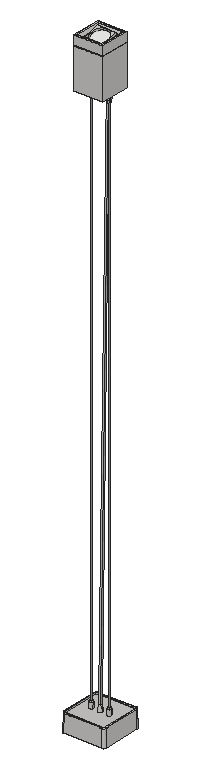
Revit family "Lighting-Luminii-Leto_44_P_A_MID new", category Lighting Fixtures, host Face, Revit 2020
Family settings
  Host = Face
  Round Connector Dimension = Use Diameter
  Part Type = Normal
  OmniClass Number = 23.80.70.11.14.11
  OmniClass Title = Downlights
  Cut with Voids When Loaded = No
  Light Source = Yes
  Shared = Yes
  Room Calculation Point = No
Parameters (values of type "Leto 44 P A MID")
  Width = 0' - 3 189/256"  # constant formula
  Wattage Comments = "6.5W"
  Wattage = 6.49954 W
  Warranty URL = "https://www.luminii.com/terms-conditions/"
  built-in parameter 1150110 = 1 (stored number, unit not read)
  Voltage Comments = "120V | 277V | 347V"  # constant formula
  Voltage = 120 V
  Version = "2020 - v1.0a"  # constant formula
  URL = "https://www.luminii.com/"
  built-in parameter 1114217 = 1 (stored number, unit not read)
  Tilt Angle = -90.00°  # constant formula
  built-in parameter 1150109 = 1 (stored number, unit not read)
  built-in parameter 1150134 = (empty or 0)
  built-in parameter 1150113 = 1 (stored number, unit not read)
  Support Phone = "224-699-9545"  # constant formula
  Support Email = "mailto:support@bimsmith.com"
  Product Page URL = "https://www.luminii.com/product/leto-44-p-a-mid/"
  Power Source Type = "Driver"  # constant formula
  Power Factor = 1
  Photometric Web File = "701A-A90-615-30-07-00.ies"
  Phase = 1
  Operating Temperature = "Consult Manufacturer Website for more Information"  # constant formula
  Number of Poles = if(and(or(Voltage = 120 V, Voltage = 277 V), Phase = 1), 1, if(and(or(Voltage = 208 V, Voltage = 240 V), Phase = 1), 2, if(and(or(Voltage = 208 V, Voltage = 240 V), Phase = 3), 3, if(and(Voltage > 300 V, Phase = 1), 2, if(and(Voltage > 400 V, Phase = 3), 3, 1)))))  # 1
  Mounting Method = "Ceiling Mount"  # constant formula
  Model = "701A"  # constant formula
  Manufacturer Phone Number = "403-216-7043"  # constant formula
  Manufacturer Email = "mailto: info@sensolighting.com"
  Manufacturer Address = "302 50 Ave SE. Calgary, Alberta, T2G 2A9 Canada"  # constant formula
  Manufacturer = "Luminii"  # constant formula
  built-in parameter 1150105 = 55.704 (stored number, unit not read)
  Lumens = 700 lm
  Luminaire Type = "Asymmetric LED Pendant Downlight"  # constant formula
  built-in parameter 1150115 = 1 (stored number, unit not read)
  Load Classification = Lighting
  built-in parameter 1150137 = (empty or 0)
  built-in parameter 1150139 = (empty or 0)
  Lens Material = Plastic - Luminii - Frosted Lens
  built-in parameter 1150112 = 1 (stored number, unit not read)
  built-in parameter 1150114 = 1 (stored number, unit not read)
  Lamp Life = 1
  Lamp = "LED"  # constant formula
  Keynote = "26 50 00"
  built-in parameter 1150132 = 2
  built-in parameter 1150102 = (empty or 0)
  built-in parameter 1150107 = 3500 (stored number, unit not read)
  Initial Color Comments = "Perfomance based on 3500K Photometric Web File"  # constant formula
  built-in parameter 1150138 = (empty or 0)
  built-in parameter 1150106 = 0.55704 (stored number, unit not read)
  Housing Protection Rating = "Consult Manufacturer Website for more Information"  # constant formula
  Height = 0' - 6 1/2"  # constant formula
  Has Dimming = 1 = 1  # yes
  Has Battery Backup = 0 = 1  # no
  Frequency Comments = ""  # constant formula
  Frequency = 60 Hz
  Finish = Metal - Luminii - Silver Anodized Aluminum
  Environment = "Indoor"  # constant formula
  built-in parameter 1150104 = 10.006 (stored number, unit not read)
  Dimming Type = "Consult Manufacturer Website for more Information"  # constant formula
  Dimming Lamp Color Temperature Shift = <None>
  Description = "Asymmetric LED Pendant Downlight"  # constant formula
  Depth = 0' - 3 189/256"  # constant formula
  Default Elevation = 0' - 0"  # constant formula
  Current Amps = 50 A
  Copyright = "©2024 Luminii"  # constant formula
  Control Zone = "Consult Manufacturer Website for more Information"  # constant formula
  Control Type = "Consult Manufacturer Website for more Information"  # constant formula
  Constraints = 1  # constant formula
  Color Filter = 16777215
  built-in parameter 1114216 [instance] = 0  # (empty or 0)
  Canopy Finish = Metal - Luminii - Silver Anodized Aluminum
  built-in parameter 1140040 [instance] = 1 = 1  # 1
  CCT = "3500K"
  C Canopy Offset [instance] = 0' - 2 9/32"  # constant formula
  Desired Cable Length [instance] = 6' - 0"
  built-in parameter 1114218 = 1 (stored number, unit not read)
  built-in parameter 1150133 = 10 (stored number, unit not read)
  Assembly Code = "D5020200"
  Apparent Load = Wattage / Power Factor  # 6.49954 VA
  Actual Cable Length [instance] = if(Desired Cable Length < 1' 0", 1' 0", if(Desired Cable Length > 8' 0", 8' 0", Desired Cable Length))  # 6' - 0"
Reference planes (in)
  plane 1 "Center (Front/Back)": y = 0
  plane 2: z = 0
  plane 3 "Center (Left/Right)": x = 0
  plane 4: x = 0
  plane 5: x = 0
  plane 6: y = 1.86914
  plane 7: y = -1.86914
  plane 8 "B": z = 2.28125
  plane 9 "A": z = 74.28125
  plane 10: z = 80.78125
Forms (in)
  Extrusion 1, solid, material "Metal - Luminii - Silver Anodized Aluminum", not visible
    sketch origin (0, 0, 0) x (1, 0, 0) y (0, 1, 0)
      loop
        circle (0, 0) r 0.5
    from 0 to -0.17225
  Blend 2, solid, material "Metal - Luminii - Silver Anodized Aluminum"
    base sketch origin (0, 0, 2.99287) x (-1, 0, 0) y (0, -1, 0)
      loop
        circle (0, 0) r 0.115
    top sketch origin (0, 0, 2.99287) x (-1, 0, 0) y (0, -1, 0)
      loop
        circle (0, -1.1811) r 0.115
    from 0 to 71.75019
Dimensions and locks (in)
  equal spacing: plane 4, plane 3 "Center (Left/Right)", plane 5
  equal spacing: plane 6, plane 1 "Center (Front/Back)", plane 7
  plane 4 to plane 5 = 0' - 0"
  "Width": plane 6 to plane 7
  "C Canopy Offset": plane 8 "B" to host face
  "Actual Cable Length": plane 9 "A" to plane 8 "B"
  "Height": plane 10 to plane 9 "A"
  locked: plane 10 to imposter light at 0.58258
  aligned and locked: plane 2 to host face
  aligned and locked: plane 3 "Center (Left/Right)" to Extrusion 1 sketch curve
  aligned and locked: plane 1 "Center (Front/Back)" to Extrusion 1 sketch curve
  aligned and locked: plane 2 to Extrusion 1  (x2)
  aligned and locked: imposter light to plane 3 "Center (Left/Right)"
  aligned and locked: imposter light to plane 1 "Center (Front/Back)"
  aligned and locked: plane 3 "Center (Left/Right)" to nested 1
  aligned and locked: plane 1 "Center (Front/Back)" to nested 1
  aligned and locked: plane 3 "Center (Left/Right)" to nested 2
  aligned and locked: nested 2 to plane 1 "Center (Front/Back)"
Automatic sketch dimensions
  host sketch curve to host sketch curve = 8' - 0"  (x2)
  radius of Extrusion 1 sketch curve = 0' - 0 1/2"
Nested families (in)
  nested 1: "Nested - Lamp" at (0, 0, 74.28125), type "Nested - Lamp"
  nested 2: "Nested - Canopy" at (0, 0, 0) x (0, 1, 0) z (0, 0, 1), type "Default"
Connectors (in)
  electrical at (0, 0, 0), driven by "Number of Poles", driven by "Load Classification", driven by "Voltage", driven by "Apparent Load", driven by "Power Factor"
    settings: on Extrusion 1, index 1, voltage 120 V, apparent load 6.49954 VA, apparent load phase1 0 VA, apparent load phase2 0 VA, apparent load phase3 0 VA, power factor 1, load classification "Lighting", number of poles 1, system type 30, power factor state 1, is connector primary yes, connector utility no, sub classification motor no, connector description "Power Connection"
Definition of nested family "Nested - Lamp"
  Parameters (values of type "Nested - Lamp")
    Width = 0' - 3.74016"  # constant formula
    Screen Material = none
    Inner Screen = none
    Height = 0' - 6.49606"  # constant formula
    Finish = none
    Default Elevation = 4' - 0"
    Constraint = 3
  Reference planes (in)
    plane 1 "Center (Front/Back)": y = 0
    plane 2: z = 0
    plane 3 "Center (Left/Right)": x = 0
    plane 4: y = 1.87008
    plane 5: y = -1.87008
    plane 6: x = -1.87008
    plane 7: x = 1.87008
    plane 8: z = 6.49606
  Forms (in)
    Extrusion 1, solid
      sketch origin (0, 0, 0) x (1, 0, 0) y (0, 1, 0)
        loop
          line (-48, 48) -> (-48, -48) -> (48, -48) -> (48, 48) -> (-48, 48)
      from 0 to -12
    Sweep 2, solid, material <- "Finish", detail levels medium+fine
      path origin (-0.03362, 1.25, 6.49606) x (0, 1, 0) y (-1, 0, 0)
        loop
          line (0.62008, -1.9037) -> (0.62008, 1.83645) -> (-3.12008, 1.83645) -> (-3.12008, -1.9037) -> (0.62008, -1.9037)
      profile origin (1.87008, 0, 6.49606) x (1, 0, 0) y (0, 0, 1)
        loop
          line (0, -6.49606) -> (0, -1.27953) -> (-0.07874, -1.27953) -> (-0.07874, -1.16142) -> (0, -1.16142) -> (0, 0) -> (-0.10635, 0) -> (-0.27543, -0.05067) -> (-0.47227, -0.3937) -> (-0.53051, -0.3937) -> (-0.54899, -0.60489)
          arc (-0.54899, -0.60489) -> (-0.57675, -0.62619) -> (-0.60039, -0.60039) r 0.0259
          line (-0.60039, -0.60039) -> (-0.63719, -0.33858) -> (-0.68091, -0.33858) -> (-0.72263, -0.3546) -> (-0.72263, -0.79506) -> (-0.21654, -0.79506) -> (-0.21654, -6.29921) -> (-0.07874, -6.29921) -> (-0.07874, -6.49606) -> (0, -6.49606)
    Extrusion 3, solid, material <- "Screen Material"
      sketch origin (0, 0.08377, 5.77427) x (1, 0, 0) y (0, 0.951057, 0.309017)
        loop
          circle (0, 0) r 1.10584
      from 0.14567 to 0.15757
    Extrusion 4, solid, material <- "Finish"
      sketch origin (1.59205, 1.40385, 6.86346) x (0, -0.951057, -0.309017) y (1, 0, 0)
        loop
          circle (1.59205, -1.59205) r 1.14745
        loop
          line (2.78122, -2.78122) -> (2.78122, -0.40289) -> (0.40289, -0.40289) -> (0.40289, -2.78122) -> (2.78122, -2.78122)
      from -0.48228 to -0.23031
    Extrusion 5, solid, material <- "Finish"
      sketch origin (1.59205, 1.40385, 6.86346) x (0, -0.951057, -0.309017) y (1, 0, 0)
        loop
          circle (1.59205, -1.59205) r 1.14745
      from -0.48228 to -0.62795
    Extrusion 6, solid, material <- "Finish"
      sketch origin (-0.03362, 1.25, 8.28705) x (0, 1, 0) y (-1, 0, 0)
        loop
          line (-3.06102, -1.84465) -> (0.56102, -1.84465) -> (0.56102, 1.7774) -> (-3.06102, 1.7774) -> (-3.06102, -1.84465)
        loop
          line (-2.4311, -0.30922) -> (-1.84055, -0.30922)
          arc (-1.84055, -0.30922) -> (-1.61784, -0.40147) -> (-1.52559, -0.62418) r 0.31496
          line (-1.52559, -0.62418) -> (-1.52559, -1.21473)
          arc (-1.52559, -1.21473) -> (-1.25, -1.49032) -> (-0.97441, -1.21473) r 0.27559
          line (-0.97441, -1.21473) -> (-0.97441, -0.62418)
          arc (-0.97441, -0.62418) -> (-0.88216, -0.40147) -> (-0.65945, -0.30922) r 0.31496
          line (-0.65945, -0.30922) -> (-0.0689, -0.30922)
          arc (-0.0689, -0.30922) -> (0.20669, -0.03362) -> (-0.0689, 0.24197) r 0.27559
          line (-0.0689, 0.24197) -> (-0.65945, 0.24197)
          arc (-0.65945, 0.24197) -> (-0.88216, 0.33422) -> (-0.97441, 0.55693) r 0.31496
          line (-0.97441, 0.55693) -> (-0.97441, 1.14748)
          arc (-0.97441, 1.14748) -> (-1.25, 1.42307) -> (-1.52559, 1.14748) r 0.27559
          line (-1.52559, 1.14748) -> (-1.52559, 0.55693)
          arc (-1.52559, 0.55693) -> (-1.61784, 0.33422) -> (-1.84055, 0.24197) r 0.31496
          line (-1.84055, 0.24197) -> (-2.4311, 0.24197)
          arc (-2.4311, 0.24197) -> (-2.70669, -0.03362) -> (-2.4311, -0.30922) r 0.27559
      from -8.1649 to -8.0902
    Extrusion 7, solid, material <- "Finish"
      sketch origin (-0.03362, 1.25, 8.28705) x (0, 1, 0) y (-1, 0, 0)
        loop
          line (-3.06102, -1.84465) -> (0.56102, -1.84465) -> (0.56102, 1.7774) -> (-3.06102, 1.7774) -> (-3.06102, -1.84465)
        loop
          arc (-0.48507, -0.44078) -> (-0.38346, -0.03362) -> (-0.48507, 0.37353) r 0.86654
          arc (-0.48507, 0.37353) -> (-0.58858, 0.40015) -> (-0.62431, 0.29942) r 0.07918
          arc (-0.62431, 0.29942) -> (-0.5412, -0.03362) -> (-0.62431, -0.36667) r 0.7088
          arc (-0.62431, -0.36667) -> (-0.58858, -0.4674) -> (-0.48507, -0.44078) r 0.07918
        loop
          arc (-2.01493, -0.44078) -> (-1.91142, -0.4674) -> (-1.87569, -0.36667) r 0.07918
          arc (-1.87569, -0.36667) -> (-1.9588, -0.03362) -> (-1.87569, 0.29942) r 0.7088
          arc (-1.87569, 0.29942) -> (-1.91142, 0.40015) -> (-2.01493, 0.37353) r 0.07918
          arc (-2.01493, 0.37353) -> (-2.11654, -0.03362) -> (-2.01493, -0.44078) r 0.86654
        loop
          arc (-1.65716, 0.73131) -> (-1.68378, 0.62779) -> (-1.58304, 0.59206) r 0.07918
          arc (-1.58304, 0.59206) -> (-1.25, 0.67518) -> (-0.91696, 0.59206) r 0.7088
          arc (-0.91696, 0.59206) -> (-0.81622, 0.62779) -> (-0.84284, 0.73131) r 0.07918
          arc (-0.84284, 0.73131) -> (-1.25, 0.83292) -> (-1.65716, 0.73131) r 0.86654
        loop
          arc (-1.65716, -0.79856) -> (-1.25, -0.90017) -> (-0.84284, -0.79856) r 0.86654
          arc (-0.84284, -0.79856) -> (-0.81622, -0.69504) -> (-0.91696, -0.65931) r 0.07918
          arc (-0.91696, -0.65931) -> (-1.25, -0.74243) -> (-1.58304, -0.65931) r 0.7088
          arc (-1.58304, -0.65931) -> (-1.68378, -0.69504) -> (-1.65716, -0.79856) r 0.07918
      from -7.77524 to -7.71544
    Revolve 8, solid
      sketch origin (0, 0, 0) x (1, 0, 0) y (0, 0, 1)
        loop
          line (-1.17126, -1.14219) -> (-1.0627, -1.14219) -> (-1.0627, -0.70819) -> (-0.97426, -0.70819) -> (-0.97426, 0.51181) -> (-1.17126, 0.51181) -> (-1.17126, -1.14219)
        axis (-1.17126, -1.14219) -> (-1.17126, 0.51181)
      angle from 0 to 360
    Revolve 9, solid
      sketch origin (0, 0, 0) x (-1, 0, 0) y (0, 0, 1)
        loop
          line (-1.17126, -1.14219) -> (-1.0627, -1.14219) -> (-1.0627, -0.70819) -> (-0.97426, -0.70819) -> (-0.97426, 0.51181) -> (-1.17126, 0.51181) -> (-1.17126, -1.14219)
        axis (-1.17126, -1.14219) -> (-1.17126, 0.51181)
      angle from 0 to 360
    Sweep 10, solid, material <- "Finish", detail levels coarse
      path origin (-0.03362, 1.25, 6.49606) x (0, 1, 0) y (-1, 0, 0)
        loop
          line (0.62008, -1.9037) -> (0.62008, 1.83645) -> (-3.12008, 1.83645) -> (-3.12008, -1.9037) -> (0.62008, -1.9037)
      profile origin (1.87008, 0, 6.49606) x (1, 0, 0) y (0, 0, 1)
        loop
          line (0, -6.49606) -> (0, 0) -> (-0.10635, 0) -> (-0.68091, -0.17218) -> (-0.68091, -0.79506) -> (-0.21654, -0.79506) -> (-0.21654, -6.29921) -> (-0.07874, -6.29921) -> (-0.07874, -6.49606) -> (0, -6.49606)
    Extrusion 11, solid
      sketch origin (-0.03362, 1.25, 0.51181) x (-1, 0, 0) y (0, 1, 0)
        loop
          circle (-0.03362, -0.0689) r 0.23
      from 0 to 0.05
  Lines and regions (in)
    reference lines
      curve 1: line (0, 0.18185, 6.0315) -> (0, -0.18916, 6.0315)
  Dimensions and locks (in)
    "Height": plane 8 to Extrusion 1
    equal spacing: plane 4, plane 1 "Center (Front/Back)", plane 5
    "Width": plane 4 to plane 5
    equal spacing: plane 6, plane 3 "Center (Left/Right)", plane 7
    "Width": plane 6 to plane 7
    aligned and locked: plane 2 to Extrusion 1
    aligned and locked: level to Extrusion 1
    aligned and locked: Sweep 2 sketch curve to plane 7
    aligned and locked: plane 6 to Sweep 2 sketch curve
    aligned and locked: Sweep 2 sketch curve to plane 4
    aligned and locked: plane 5 to Sweep 2 sketch curve
  Automatic sketch dimensions
    Extrusion 1 sketch curve to Extrusion 1 sketch curve = 8' - 0"  (x2)
    Sweep 2 sketch curve to plane 8 = 0' - 0"
    profile plane to Sweep 2 sketch curve = 0' - 0"  (x2)
    Sweep 2 sketch curve to Sweep 2 sketch curve = 0' - 0.07874"  (x2)
    profile plane to Sweep 2 sketch curve = 0' - 0.21654"
    Sweep 2 sketch curve to plane 8 = 0' - 0.05067"
    profile plane to Sweep 2 sketch curve = 0' - 0.27543"
    Sweep 2 sketch curve to Sweep 2 sketch curve = 0' - 0.19684"
    Sweep 2 sketch curve to Sweep 2 sketch curve = 0' - 0.05825"
    Sweep 2 sketch curve to Sweep 2 sketch curve = 0' - 0.01848"
    Sweep 2 sketch curve to Sweep 2 sketch curve = 0' - 0.0255"
    Sweep 2 sketch curve to Sweep 2 sketch curve = 0' - 0.0259"
    Sweep 2 sketch curve to Sweep 2 sketch curve = 0' - 0.10667"
    Sweep 2 sketch curve to Sweep 2 sketch curve = 0' - 0.04373"
    Sweep 2 sketch curve to Sweep 2 sketch curve = 0' - 0.12224"
    Sweep 2 sketch curve to plane 8 = 0' - 0.33858"
    Sweep 2 sketch curve to Sweep 2 sketch curve = 0' - 0.01601"
    Sweep 2 sketch curve to Sweep 2 sketch curve = 0' - 0.05512"
    Sweep 2 sketch curve to Sweep 2 sketch curve = 0' - 0.20669"
    Sweep 2 sketch curve to Sweep 2 sketch curve = 0' - 0.19467"
    Sweep 2 sketch curve to Sweep 2 sketch curve = 0' - 0.36636"
    Sweep 2 sketch curve to Sweep 2 sketch curve = 0' - 0.11811"
    Sweep 2 sketch curve to Sweep 2 sketch curve = 0' - 5.01969"
    Sweep 2 sketch curve to Sweep 2 sketch curve = 0' - 0.19685"
    Sweep 2 sketch curve to Sweep 2 sketch curve = 0' - 0.10635"
    Extrusion 6 sketch curve to plane 3 "Center (Left/Right)" = 0' - 0"  (x2)
    plane 1 "Center (Front/Back)" to Extrusion 6 sketch curve = 0' - 0"  (x2)
    plane 1 "Center (Front/Back)" to Extrusion 6 sketch curve = 0' - 0.27559"  (x2)
    Extrusion 6 sketch curve to Extrusion 6 sketch curve = 0' - 0.31496"  (x4)
    plane 3 "Center (Left/Right)" to Extrusion 6 sketch curve = 0' - 0.27559"
    Extrusion 6 sketch curve to Extrusion 6 sketch curve = 0' - 0.59055"  (x4)
    Extrusion 6 sketch curve to plane 5 = 0' - 0.05906"
    Extrusion 6 sketch curve to plane 3 "Center (Left/Right)" = 0' - 0.27559"
    Extrusion 6 sketch curve to plane 4 = 0' - 0.05906"
    Extrusion 6 sketch curve to plane 7 = 0' - 0.05906"
    Extrusion 6 sketch curve to plane 6 = 0' - 0.05906"
    Extrusion 7 sketch curve to Extrusion 7 sketch curve = 0' - 0"  (x58)
    plane 1 "Center (Front/Back)" to Extrusion 7 sketch curve = 0' - 0"
    Extrusion 7 sketch curve to plane 3 "Center (Left/Right)" = 0' - 0"
    plane 1 "Center (Front/Back)" to Extrusion 7 sketch curve = 0' - 0.36388"  (x2)
    Extrusion 7 sketch curve to Extrusion 7 sketch curve = 0' - 0.33475"  (x8)
    Extrusion 7 sketch curve to plane 5 = 0' - 0.05906"
    Extrusion 7 sketch curve to plane 1 "Center (Front/Back)" = 0' - 0.36388"  (x2)
    plane 3 "Center (Left/Right)" to Extrusion 7 sketch curve = 0' - 0.36388"  (x2)
    Extrusion 7 sketch curve to plane 4 = 0' - 0.05906"
    Extrusion 7 sketch curve to plane 7 = 0' - 0.05906"
    Extrusion 7 sketch curve to plane 3 "Center (Left/Right)" = 0' - 0.36388"  (x2)
    Extrusion 7 sketch curve to plane 6 = 0' - 0.05906"
    Extrusion 7 sketch curve to Extrusion 7 sketch curve = 0' - 0.03084"  (x4)
    Extrusion 7 sketch curve to Extrusion 7 sketch curve = 0' - 0.04328"  (x4)
    Extrusion 7 sketch curve to Extrusion 7 sketch curve = 0' - 0.07293"  (x6)
    Extrusion 7 sketch curve to Extrusion 7 sketch curve = 0' - 0.06631"  (x2)
    Revolve 8 sketch curve to plane 6 = 0' - 0.69882"
    Revolve 8 sketch curve to Revolve 8 sketch curve = 0' - 0.10856"
    Revolve 8 sketch curve to Revolve 8 sketch curve = 0' - 0.197"
    Revolve 8 sketch curve to level = 0' - 1.14219"
    Revolve 8 sketch curve to Revolve 8 sketch curve = 0' - 0.434"
    level to Revolve 8 sketch curve = 0' - 0.51181"
    Revolve 8 sketch curve to Revolve 8 sketch curve = 0' - 0"  (x2)
    Revolve 8 sketch curve to Revolve 8 sketch curve = 0' - 0.81454"
    plane 7 to Revolve 9 sketch curve = 0' - 0.69882"
    Revolve 9 sketch curve to Revolve 9 sketch curve = 0' - 0.10856"
    Revolve 9 sketch curve to Revolve 9 sketch curve = 0' - 0.197"
    level to Revolve 9 sketch curve = 0' - 1.14219"
    Revolve 9 sketch curve to Revolve 9 sketch curve = 0' - 0.434"
    Revolve 9 sketch curve to level = 0' - 0.51181"
    Revolve 9 sketch curve to Revolve 9 sketch curve = 0' - 0"  (x2)
    Revolve 9 sketch curve to Revolve 9 sketch curve = 0' - 0.81454"
    plane 5 to Sweep 10 sketch curve = 0' - 0"
    Sweep 10 sketch curve to plane 4 = 0' - 0"
    Sweep 10 sketch curve to plane 7 = 0' - 0"
    Sweep 10 sketch curve to plane 6 = 0' - 0"
    Sweep 10 sketch curve to plane 8 = 0' - 0"
    profile plane to Sweep 10 sketch curve = 0' - 0"
    profile plane to Sweep 10 sketch curve = 0' - 0.07874"
    Sweep 10 sketch curve to Sweep 10 sketch curve = 0' - 0.1378"
    Sweep 10 sketch curve to plane 8 = 0' - 0.17218"
    profile plane to Sweep 10 sketch curve = 0' - 0.68091"
    Sweep 10 sketch curve to Sweep 10 sketch curve = 0' - 0.62288"
    Sweep 10 sketch curve to Sweep 10 sketch curve = 0' - 5.50415"
    Sweep 10 sketch curve to Sweep 10 sketch curve = 0' - 0.19685"
    Sweep 10 sketch curve to Sweep 10 sketch curve = 0' - 0.10635"
    Extrusion 7 to Extrusion 11 sketch curve = 0' - 0.62992"
    Extrusion 7 to Extrusion 11 sketch curve = 0' - 1.81102"
    plane 1 "Center (Front/Back)" to curve 1 = 0' - 0.18916"
    curve 1 to plane 8 = 0' - 0.46457"
    curve 1 to plane 1 "Center (Front/Back)" = 0' - 0.18185"
    Extrusion 3 sketch curve to plane 3 "Center (Left/Right)" = 0' - 0"
    Extrusion 4 sketch curve to plane 3 "Center (Left/Right)" = 0' - 0"
    Extrusion 4 sketch curve to plane 7 = 0' - 0.68091"
    Extrusion 4 sketch curve to Extrusion 4 sketch curve = 0' - 1.18916"  (x2)
    Extrusion 4 sketch curve to plane 6 = 0' - 0.68091"
    Extrusion 5 sketch curve to plane 3 "Center (Left/Right)" = 0' - 0"
    radius of Extrusion 11 sketch curve = 0' - 0.23"
    radius of Extrusion 3 sketch curve = 0' - 1.10584"
    radius of Extrusion 4 sketch curve = 0' - 1.14745"
    radius of Extrusion 5 sketch curve = 0' - 1.14745"
Definition of nested family "Nested - Canopy"
  Parameters (values of type "Default")
    Square Canopy = no
    Round Canopy = yes
    Finish = none
    Feed Cable = 0' - 0.23"  # constant formula
    Default Elevation = 0' - 0"
    Cable Length = 6' - 0"
    Base = 0' - 5.67117"
    Aircraft Cable = 0' - 0.05"  # constant formula
  Reference planes (in)
    plane 1 "Center (Front/Back)": y = 0
    plane 2: z = 0
    plane 3 "Center (Left/Right)": x = 0
    plane 4: z = 74.28346
    plane 5: z = 2.28346
    plane 6: x = 2.83559
    plane 7: x = -2.83559
    plane 8: y = -2.83559
    plane 9: y = 2.83559
  Forms (in)
    Sweep 1, solid, material <- "Finish", detail levels medium+fine
      path origin (0, 0, 0) x (1, 0, 0) y (0, 1, 0)
        loop
          arc (-2.41835, 2.83559) -> (-2.71338, 2.71338) -> (-2.83559, 2.41835) r 0.41723
          line (-2.83559, 2.41835) -> (-2.83559, -2.41878)
          arc (-2.83559, -2.41878) -> (-2.71351, -2.71351) -> (-2.41878, -2.83559) r 0.4168
          line (-2.41878, -2.83559) -> (2.41578, -2.83559)
          arc (2.41578, -2.83559) -> (2.71263, -2.71263) -> (2.83559, -2.41578) r 0.41981
          line (2.83559, -2.41578) -> (2.83559, 2.41269)
          arc (2.83559, 2.41269) -> (2.71172, 2.71172) -> (2.41269, 2.83559) r 0.42289
          line (2.41269, 2.83559) -> (-2.41835, 2.83559)
      profile origin (-0.00283, 2.83559, 0) x (0, 1, 0) y (0, 0, 1)
        loop
          line (0, 0) -> (-0.07854, 2.24916)
          arc (-0.07854, 2.24916) -> (-0.08859, 2.27342) -> (-0.11284, 2.28346) r 0.0343
          line (-0.11284, 2.28346) -> (-0.22278, 2.28346) -> (-0.22278, 0) -> (0, 0)
    Extrusion 2, solid, material <- "Finish", detail levels medium+fine
      sketch origin (0, 0, 0) x (1, 0, 0) y (0, 1, 0)
        loop
          arc (-2.41835, 2.6128) -> (-2.55585, 2.55585) -> (-2.6128, 2.41835) r 0.19445
          line (-2.6128, 2.41835) -> (-2.6128, -2.41878)
          arc (-2.6128, -2.41878) -> (-2.55597, -2.55597) -> (-2.41878, -2.6128) r 0.19402
          line (-2.41878, -2.6128) -> (2.41578, -2.6128)
          arc (2.41578, -2.6128) -> (2.55509, -2.55509) -> (2.6128, -2.41578) r 0.19702
          line (2.6128, -2.41578) -> (2.6128, 2.41269)
          arc (2.6128, 2.41269) -> (2.55419, 2.55419) -> (2.41269, 2.6128) r 0.20011
          line (2.41269, 2.6128) -> (-2.41835, 2.6128)
      from 0 to 2.20472
    Revolve 3, solid, detail levels medium+fine
      sketch origin (0, -0.60039, 0) x (0, 1, 0) y (0, 0, 1)
        loop
          line (2.02756, 2.20472) -> (2.02756, 2.80697) -> (1.93924, 2.80697) -> (1.93924, 3.00382) -> (1.77165, 3.00382) -> (1.77165, 2.20472) -> (2.02756, 2.20472)
        axis (1.77165, 2.20472) -> (1.77165, 3.00382)
      angle from 0 to 360
    Revolve 4, solid, detail levels medium+fine
      sketch origin (0, 0.60039, 0) x (0, -1, 0) y (0, 0, 1)
        loop
          line (2.02756, 2.20472) -> (2.02756, 2.80697) -> (1.93924, 2.80697) -> (1.93924, 3.00382) -> (1.77165, 3.00382) -> (1.77165, 2.20472) -> (2.02756, 2.20472)
        axis (1.77165, 2.20472) -> (1.77165, 3.00382)
      angle from 0 to 360
    Revolve 5, solid, detail levels medium+fine
      sketch origin (0, 0, 0) x (0, 1, 0) y (0, 0, 1)
        loop
          line (0, 2.99287) -> (0, 2.20472) -> (0.29574, 2.20472) -> (0.17677, 2.99287) -> (0, 2.99287)
        axis (0, 2.99287) -> (0, 2.20472)
      angle from 0 to 360
    Extrusion 6, solid, material <- "Finish", detail levels coarse
      sketch origin (0, 0, 0) x (1, 0, 0) y (0, 1, 0)
        loop
          line (-2.83559, 2.83559) -> (-2.83559, -2.83559) -> (2.83559, -2.83559) -> (2.83559, 2.83559) -> (-2.83559, 2.83559)
      from 0 to 2.28346
    Revolve 7, solid, detail levels coarse
      sketch origin (0, -0.60039, 0) x (0, 1, 0) y (0, 0, 1)
        loop
          line (2.02756, 2.28346) -> (2.02756, 2.80697) -> (1.93924, 2.80697) -> (1.93924, 3.00382) -> (1.77165, 3.00382) -> (1.77165, 2.28346) -> (2.02756, 2.28346)
        axis (1.77165, 2.28346) -> (1.77165, 3.00382)
      angle from 0 to 360
    Revolve 8, solid, detail levels coarse
      sketch origin (0, 0.60039, 0) x (0, -1, 0) y (0, 0, 1)
        loop
          line (2.02756, 2.28346) -> (2.02756, 2.80697) -> (1.93924, 2.80697) -> (1.93924, 3.00382) -> (1.77165, 3.00382) -> (1.77165, 2.28346) -> (2.02756, 2.28346)
        axis (1.77165, 2.28346) -> (1.77165, 3.00382)
      angle from 0 to 360
    Revolve 9, solid, detail levels coarse
      sketch origin (0, 0, 0) x (0, 1, 0) y (0, 0, 1)
        loop
          line (0, 2.99287) -> (0, 2.28346) -> (0.28386, 2.28346) -> (0.17677, 2.99287) -> (0, 2.99287)
        axis (0, 2.99287) -> (0, 2.28346)
      angle from 0 to 360
    Extrusion 10, solid
      sketch origin (0, 0, 0) x (1, 0, 0) y (0, 1, 0)
        loop
          circle (0, 1.17126) r 0.025
        loop
          circle (0, -1.17126) r 0.025
      from 3.00382 to 74.28346
  Dimensions and locks (in)
    "Cable Length": plane 5 to plane 4
    equal spacing: plane 7, plane 3 "Center (Left/Right)", plane 6
    equal spacing: plane 9, plane 1 "Center (Front/Back)", plane 8
    "Base": plane 9 to plane 8
    "Base": plane 7 to plane 6
    aligned and locked: plane 2 to level
    aligned and locked: Sweep 1 sketch curve to plane 9
    aligned and locked: Sweep 1 sketch curve to plane 7
    aligned and locked: Sweep 1 sketch curve to plane 8
    aligned and locked: Sweep 1 sketch curve to plane 6
    aligned and locked: Extrusion 6 sketch curve to plane 9
    aligned and locked: Extrusion 6 sketch curve to plane 7
    aligned and locked: Extrusion 6 sketch curve to plane 8
    aligned and locked: Extrusion 6 sketch curve to plane 6
    aligned and locked: Extrusion 10 to Revolve 3
    aligned and locked: plane 4 to Extrusion 10
  Automatic sketch dimensions
    Sweep 1 sketch curve to plane 7 = 0' - 0.4168"
    Sweep 1 sketch curve to plane 7 = 0' - 0.41723"
    Sweep 1 sketch curve to Sweep 1 sketch curve = 0' - 0.42289"
    Sweep 1 sketch curve to plane 6 = 0' - 0.41981"
    Sweep 1 sketch curve to level = 0' - 0"
    Sweep 1 sketch curve to profile plane = 0' - 0"
    profile plane to Sweep 1 sketch curve = 0' - 0.07854"
    Sweep 1 sketch curve to Sweep 1 sketch curve = 0' - 0.0343"
    profile plane to Sweep 1 sketch curve = 0' - 0.22278"
    level to Sweep 1 sketch curve = 0' - 2.24916"
    Extrusion 2 sketch curve to plane 7 = 0' - 0.22278"
    Extrusion 2 sketch curve to plane 8 = 0' - 0.22278"
    Extrusion 2 sketch curve to Extrusion 2 sketch curve = 0' - 0.19402"
    Extrusion 2 sketch curve to plane 9 = 0' - 0.22278"
    Extrusion 2 sketch curve to Extrusion 2 sketch curve = 0' - 0.19445"
    Extrusion 2 sketch curve to plane 6 = 0' - 0.42289"
    Extrusion 2 sketch curve to plane 6 = 0' - 0.41981"
    Extrusion 2 sketch curve to Extrusion 2 sketch curve = 0' - 0.19702"
    plane 5 to Revolve 3 sketch curve = 0' - 0.07874"
    Revolve 3 sketch curve to plane 9 = 0' - 1.66433"
    Revolve 3 sketch curve to Revolve 3 sketch curve = 0' - 0.16759"
    Revolve 3 sketch curve to Revolve 3 sketch curve = 0' - 0.08831"
    Revolve 3 sketch curve to plane 5 = 0' - 0.5235"
    Revolve 3 sketch curve to Revolve 3 sketch curve = 0' - 0.19685"
    Revolve 3 sketch curve to Revolve 3 sketch curve = 0' - 0"  (x2)
    Revolve 3 sketch curve to Revolve 3 sketch curve = 0' - 0.11398"
    Revolve 4 sketch curve to plane 5 = 0' - 0.07874"
    plane 8 to Revolve 4 sketch curve = 0' - 1.66433"
    Revolve 4 sketch curve to Revolve 4 sketch curve = 0' - 0.16759"
    Revolve 4 sketch curve to Revolve 4 sketch curve = 0' - 0.08831"
    plane 5 to Revolve 4 sketch curve = 0' - 0.5235"
    Revolve 4 sketch curve to Revolve 4 sketch curve = 0' - 0.19685"
    Revolve 4 sketch curve to Revolve 4 sketch curve = 0' - 0"  (x2)
    Revolve 4 sketch curve to Revolve 4 sketch curve = 0' - 0.11398"
    Revolve 5 sketch curve to plane 1 "Center (Front/Back)" = 0' - 0"  (x2)
    Revolve 5 sketch curve to Revolve 5 sketch curve = 0' - 0.17677"
    plane 5 to Revolve 5 sketch curve = 0' - 0.07874"
    Revolve 5 sketch curve to plane 1 "Center (Front/Back)" = 0' - 0.29574"
    Revolve 5 sketch curve to plane 5 = 0' - 0.70941"
    Revolve 5 sketch curve to Revolve 5 sketch curve = 0' - 0.15349"
    Revolve 5 sketch curve to Revolve 5 sketch curve = 0' - 0 1/4"
    plane 5 to Revolve 7 sketch curve = 0' - 0"
    Revolve 7 sketch curve to plane 9 = 0' - 1.66433"
    Revolve 7 sketch curve to Revolve 7 sketch curve = 0' - 0.16759"
    Revolve 7 sketch curve to Revolve 7 sketch curve = 0' - 0.08831"
    Revolve 7 sketch curve to plane 5 = 0' - 0.5235"
    Revolve 7 sketch curve to Revolve 7 sketch curve = 0' - 0.19685"
    Revolve 7 sketch curve to Revolve 7 sketch curve = 0' - 0"  (x2)
    Revolve 7 sketch curve to Revolve 7 sketch curve = 0' - 0.11398"
    Revolve 9 sketch curve to plane 1 "Center (Front/Back)" = 0' - 0"  (x2)
    plane 5 to Revolve 9 sketch curve = 0' - 0"
    Revolve 9 sketch curve to Revolve 9 sketch curve = 0' - 0.17677"
    Revolve 9 sketch curve to plane 1 "Center (Front/Back)" = 0' - 0.28386"
    Revolve 9 sketch curve to Revolve 9 sketch curve = 0' - 0.70941"
    Revolve 9 sketch curve to Revolve 9 sketch curve = 0' - 0.15349"
    Revolve 9 sketch curve to Revolve 9 sketch curve = 0' - 0 1/4"
    plane 5 to Revolve 8 sketch curve = 0' - 0"
    plane 8 to Revolve 8 sketch curve = 0' - 1.66433"
    Revolve 8 sketch curve to Revolve 8 sketch curve = 0' - 0.16759"
    Revolve 8 sketch curve to Revolve 8 sketch curve = 0' - 0.08831"
    Revolve 8 sketch curve to Revolve 8 sketch curve = 0' - 0.5235"
    Revolve 8 sketch curve to Revolve 8 sketch curve = 0' - 0.19685"
    Revolve 8 sketch curve to Revolve 8 sketch curve = 0' - 0"  (x2)
    Revolve 8 sketch curve to Revolve 8 sketch curve = 0' - 0.11398"
    Extrusion 10 sketch curve to plane 3 "Center (Left/Right)" = 0' - 0"  (x2)
    Extrusion 10 sketch curve to plane 8 = 0' - 1.66433"
    Extrusion 10 sketch curve to plane 9 = 0' - 1.66433"
    radius of Extrusion 10 sketch curve = 0' - 0.025"  (x2)
